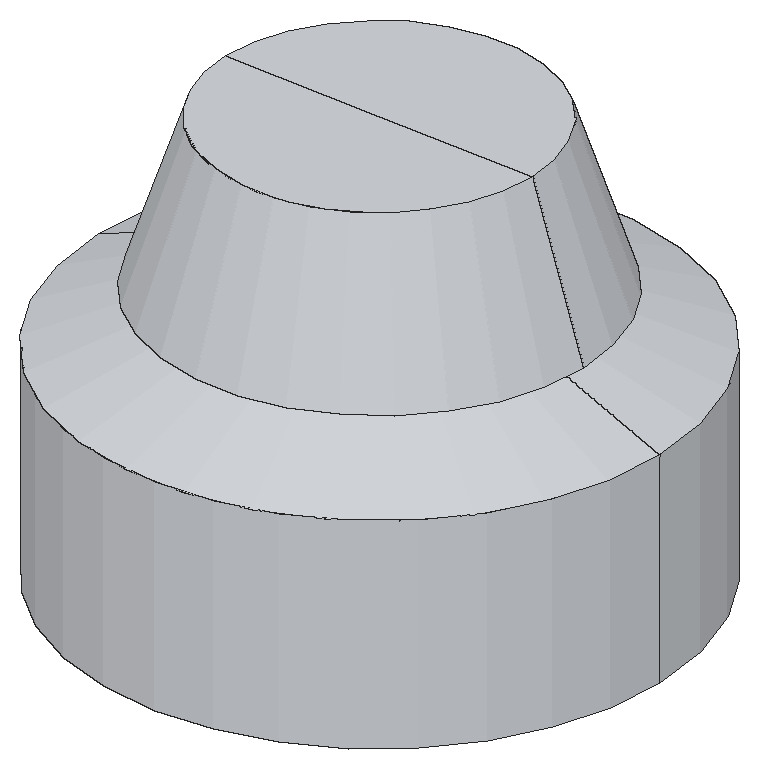
Revit family "fe8c591a10b34111a6821f649ae59ed7", category Fire Alarm Devices, host Face, Revit 2021
Family settings
  Host = Face
  Maintain Annotation Orientation = Yes
  Round Connector Dimension = Use Diameter
  Part Type = Normal
  OmniClass Number = 23.85.30.21.11.11.11
  OmniClass Title = Smoke Detectors
  Seek Item ID = Smoke Detector-0000-USA-ENU
  Cut with Voids When Loaded = No
  Shared = No
  Room Calculation Point = No
Parameters (values of type "Plain")
  Label = ""
  Head Small Radius = 0' - 1 1/2"
  Head Radius = 0' - 2"
  Head Depth = 0' - 1 1/2"
  Default Elevation = 4' - 0"
  Base Radius = 0' - 2 3/4"
  Base Depth = 0' - 2"
Types (5): name | Label
  (no name) | ""
  Plain | ""
  Air Sampling | "ASD"
  Ionization | "I"
  Photoelectric | "P"
Reference planes (in)
  plane 1 "Center (Front/Back)": y = 0
  plane 2 "Bottom": z = 0
  plane 3 "Center (Left/Right)": x = 0
  plane 4: z = 2
  plane 5: z = 2.5
  plane 6: z = 4
  plane 7: x = 1.5
  plane 8: x = 2
  plane 9: x = 2.75
Forms (in)
  Revolve 1, solid, detail levels fine
    sketch origin (0, 0, 0) x (1, 0, 0) y (0, 0, 1)
      loop
        line (0, 4) -> (0, 0) -> (2.75, 0) -> (2.75, 2) -> (1.5, 2.5) -> (2, 2.5) -> (1.5, 4) -> (0, 4)
      axis (0, 0) -> (0, 4)
    angle from 0 to 360
  Revolve 2, solid, detail levels coarse+medium
    sketch origin (0, 0, 0) x (1, 0, 0) y (0, 0, 1)
      loop
        line (0, 4) -> (0, 0) -> (2.75, 0) -> (2.75, 4) -> (0, 4)
      axis (0, 4) -> (0, 0)
    angle from 0 to 360
Lines and regions (in)
  symbolic lines, detail levels fine
    curve 1: circle (0, 0, 0) r 2.75 normal (0, 0, 1)
Dimensions and locks (in)
  "Base Depth": plane 4 to plane 2 "Bottom"
  locked: plane 5 to plane 4 at 0.5
  "Head Depth": plane 6 to plane 5
  "Head Small Radius": plane 7 to plane 3 "Center (Left/Right)"
  "Head Radius": plane 8 to plane 3 "Center (Left/Right)"
  "Base Radius": plane 9 to plane 3 "Center (Left/Right)"
  "Base Radius": radius of curve 1
  aligned and locked: plane 2 "Bottom" to host face
  aligned and locked: level to host face
  aligned and locked: plane 3 "Center (Left/Right)" to Revolve 2 sketch curve
  aligned and locked: Revolve 2 sketch curve to Revolve 1  (x2)
  aligned and locked: Revolve 1 to Revolve 2 sketch curve
  aligned and locked: plane 3 "Center (Left/Right)" to Revolve 1 sketch curve
  aligned and locked: plane 1 "Center (Front/Back)" to Revolve 1 sketch curve
  aligned and locked: nested 1 to plane 1 "Center (Front/Back)"
  aligned and locked: nested 1 to plane 3 "Center (Left/Right)"
Automatic sketch dimensions
  Revolve 1 sketch curve to plane 3 "Center (Left/Right)" = 0' - 0"
  Revolve 1 sketch curve to plane 6 = 0' - 0"
  Revolve 1 sketch curve to plane 7 = 0' - 0"  (x2)
  Revolve 1 sketch curve to plane 5 = 0' - 0"
  Revolve 1 sketch curve to plane 8 = 0' - 0"
  Revolve 1 sketch curve to level = 0' - 0"
  Revolve 1 sketch curve to plane 9 = 0' - 0"
  Revolve 1 sketch curve to plane 4 = 0' - 0"
  Revolve 1 sketch curve to plane 4 = 0' - 0 3/4"
  plane 6 to Revolve 1 sketch curve = 0' - 2 1/4"
  Revolve 2 sketch curve to plane 3 "Center (Left/Right)" = 0' - 0"
  Revolve 2 sketch curve to Revolve 2 sketch curve = 0' - 1 1/2"  (x2)
  curve 1 to plane 1 "Center (Front/Back)" = 0' - 0"
  curve 1 to plane 3 "Center (Left/Right)" = 0' - 0"
  host sketch curve to host sketch curve = 8' - 0"  (x2)
Nested families (in)
  nested 1: "Smoke Detector Annotation" at (0, 0, 0) x (-1, 0, 0) z (0, 0, 1), type "Smoke Detector Annotation"
Connectors (in)
  electrical at (0, 0, 0)
    settings: on Revolve 1, index 1, voltage 0 V, apparent load 0 VA, apparent load phase1 0 VA, apparent load phase2 0 VA, apparent load phase3 0 VA, power factor 1, load classification "Other", number of poles 1, system type 11, power factor state 1, is connector primary yes, connector utility no, sub classification motor no, connector description ""
Definition of nested family "Smoke Detector Annotation"
  Parameters
    Label Annotation = ""
  Reference planes (in)
    plane 1: y = 0
    plane 2: x = 0
  Lines and regions (in)
    detail lines
      curve 1: circle (0, 0, 0) r 0.15625 normal (0, 0, 1)
  Text (in)
    label "W" at (0.17112, -0.13881, 0), shows "Label Annotation"
    text "S" at (-0.042, 0.06996, 0)
  Dimensions and locks (in)
    aligned and locked: plane 2 to curve 1
    aligned and locked: plane 1 to curve 1
